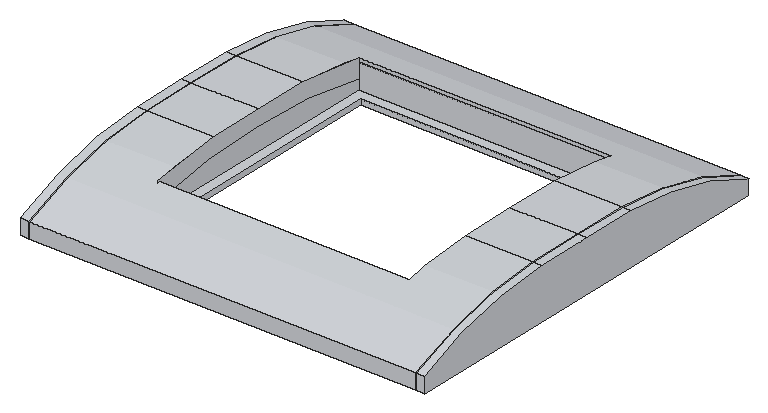
Revit family "Gira_1002768", category Electrical Fixtures, host Face, Revit 2017
Family settings
  Host = Face
  Maintain Annotation Orientation = No
  Round Connector Dimension = Use Diameter
  Part Type = Normal
  Cut with Voids When Loaded = No
  Shared = No
  Room Calculation Point = No
Parameters (values of type "Abdeckrahmen 2f o.M. Zwischenr. AN Gira Event Klar Braun")
  Werkstoffgüte = "Thermoplast"
  Werkstoff = "Kunststoff"
  URL = "http://katalog.gira.de/de_DE/datenblatt.html?artikelnr=1002768"
  Transparent = "No"
  Textfeld/Beschriftungsfläche = "No"
  Schutzart (IP) = "IP20"
  Region = "DE"
  Oberfläche = "sonstige"
  Name = "Abdeckrahmen 2f o.M. Zwischenr. AN Gira Event Klar Braun"
  Montagerichtung = "horizontal und vertikal"
  Mit Montagerahmen = "No"
  Mit Klappdeckel = "No"
  Manufacturer URL = "https://www.gira.de/"
  Keynote = "Event_Rahmen_2fach o.Mittelsteg"
  HeinzeBIM = "https://bimportal.heinze.de/bim/abdeckrahmen-2f-o-m-zwischenr-an-gira-event-klar-braun/f09d1f5b91e177e6aa539d33a2d72dae94d4a62b"
  Halogenfrei = "Yes"
  HAN = "1002768"
  Geeignet für Unterputz-Installation = "Yes"
  Geeignet für Unterflurkanaldose = "No"
  Geeignet für Geräteeinbaukanal = "No"
  Geeignet für Einbauinstallation = "No"
  GTIN = "4010337070344"
  Farbe = "braun"
  Default Elevation = 1219.2 mm
  Data sheet (1) = "https://katalog.gira.de/de_DE/download.html?artikelnr=1002768"
  Category = "Abdeckrahmen"
  Befestigungsart = "Klemmbefestigung"
  Available = "Yes"
  Ausführung der Oberfläche = "glänzend"
  Anzahl der Einheiten vertikal = "2 "
  Anzahl der Einheiten horizontal = "2 "
  Anzahl der Einheiten = "2 "
Reference planes
  plane 1 "Center (Front/Back)": y = 0
  plane 2: z = 0
  plane 3 "Center (Left/Right)": x = 0
Forms (mm)
  Extrusion 1, solid, detail levels fine
    sketch origin (0, 0, 1.55) x (0, 1, 0) y (0, 0, 1)
      loop
        arc (12.445, 9.683) -> (6.223, 9.833) -> (0, 9.85) r 291.636
        arc (0, 9.85) -> (-6.223, 9.833) -> (-12.445, 9.683) r 291.636
        arc (-12.445, 9.683) -> (-29.14, 7.482) -> (-45, 1.823) r 79.728
        line (-45, 1.823) -> (-45, -1.55) -> (-41.777, -1.55) -> (-41.777, -0.55)
        arc (-41.777, -0.55) -> (-21.205, 4.846) -> (0, 6.467) r 118.15
        arc (0, 6.467) -> (21.205, 4.846) -> (41.777, -0.55) r 118.15
        line (41.777, -0.55) -> (41.777, -1.55) -> (45, -1.55) -> (45, 1.823)
        arc (45, 1.823) -> (29.14, 7.482) -> (12.445, 9.683) r 79.728
    from -43 to 43
  Extrusion 2, void, detail levels fine
    sketch origin (0, 0, 0) x (1, 0, 0) y (0, 1, 0)
      loop
        line (-28, -28) -> (28, -28) -> (28, 28) -> (-28, 28) -> (-28, -28)
    from 2.85 to 12
  Extrusion 3, solid, detail levels coarse
    sketch origin (0, 0, 0) x (1, 0, 0) y (0, 1, 0)
      loop
        line (-45, 45) -> (-45, -45) -> (45, -45) -> (45, 45) -> (-45, 45)
    from 0 to 11.4
  Extrusion 4, solid, detail levels medium
    sketch origin (0, 0, 1.55) x (0, 1, 0) y (0, 0, 1)
      loop
        arc (12.445, 9.683) -> (6.223, 9.833) -> (0, 9.85) r 291.636
        arc (0, 9.85) -> (-6.223, 9.833) -> (-12.445, 9.683) r 291.636
        arc (-12.445, 9.683) -> (-29.14, 7.482) -> (-45, 1.823) r 79.728
        line (-45, 1.823) -> (-45, -1.55) -> (45, -1.55) -> (45, 1.823)
        arc (45, 1.823) -> (29.14, 7.482) -> (12.445, 9.683) r 79.728
    from -45 to 45
  Extrusion 5, solid, detail levels fine
    sketch origin (0, 0, 0) x (0, 1, 0) y (0, 0, 1)
      loop
        arc (45, 3.373) -> (29.14, 9.032) -> (12.445, 11.233) r 79.728
        arc (12.445, 11.233) -> (6.223, 11.383) -> (0, 11.4) r 291.636
        arc (0, 11.4) -> (-6.223, 11.383) -> (-12.445, 11.233) r 291.636
        arc (-12.445, 11.233) -> (-29.14, 9.032) -> (-45, 3.373) r 79.728
        line (-45, 3.373) -> (-45, 0) -> (45, 0) -> (45, 3.373)
    from 43 to 45
  Extrusion 6, solid, detail levels fine
    sketch origin (0, 0, 0) x (0, 1, 0) y (0, 0, -1)
      loop
        line (45, -3.373) -> (45, 0) -> (-45, 0) -> (-45, -3.373)
        arc (-45, -3.373) -> (-29.14, -9.032) -> (-12.445, -11.233) r 79.728
        arc (-12.445, -11.233) -> (-6.223, -11.383) -> (0, -11.4) r 291.636
        arc (0, -11.4) -> (6.223, -11.383) -> (12.445, -11.233) r 291.636
        arc (12.445, -11.233) -> (29.14, -9.032) -> (45, -3.373) r 79.728
    from 43 to 45
  Extrusion 7, solid, detail levels fine
    sketch origin (0, 0, 0) x (1, 0, 0) y (0, 1, 0)
      loop
        line (-25.7, 25.7) -> (-25.7, -25.7) -> (25.7, -25.7) -> (25.7, 25.7) -> (-25.7, 25.7)
      loop
        line (-29.495, 27.895) -> (-29.495, -27.895)
        spline (-29.495, -27.895) -> (-29.486, -28.025) -> (-29.461, -28.154) -> (-29.419, -28.278) -> (-29.361, -28.395) -> (-29.288, -28.504) -> (-29.202, -28.602) -> (-29.104, -28.688) -> (-28.995, -28.761) -> (-28.878, -28.819) -> (-28.754, -28.861) -> (-28.625, -28.886) -> (-28.495, -28.895)
        line (-28.495, -28.895) -> (28.495, -28.895)
        spline (28.495, -28.895) -> (28.625, -28.886) -> (28.754, -28.861) -> (28.878, -28.819) -> (28.995, -28.761) -> (29.104, -28.688) -> (29.202, -28.602) -> (29.288, -28.504) -> (29.361, -28.395) -> (29.419, -28.278) -> (29.461, -28.154) -> (29.486, -28.025) -> (29.495, -27.895)
        line (29.495, -27.895) -> (29.495, 27.895)
        spline (29.495, 27.895) -> (29.486, 28.025) -> (29.461, 28.154) -> (29.419, 28.278) -> (29.361, 28.395) -> (29.288, 28.504) -> (29.202, 28.602) -> (29.104, 28.688) -> (28.995, 28.761) -> (28.878, 28.819) -> (28.754, 28.861) -> (28.625, 28.886) -> (28.495, 28.895)
        line (28.495, 28.895) -> (-28.495, 28.895)
        spline (-28.495, 28.895) -> (-28.625, 28.886) -> (-28.754, 28.861) -> (-28.878, 28.819) -> (-28.995, 28.761) -> (-29.104, 28.688) -> (-29.202, 28.602) -> (-29.288, 28.504) -> (-29.361, 28.395) -> (-29.419, 28.278) -> (-29.461, 28.154) -> (-29.486, 28.025) -> (-29.495, 27.895)
    from 1.673 to 8.5
Cuts and joins
  Extrusion 2 cuts Extrusion 1
  Extrusion 2 cuts Extrusion 7
Dimensions and locks
  aligned and locked: plane 2 to host face
  aligned and locked: level to host face
